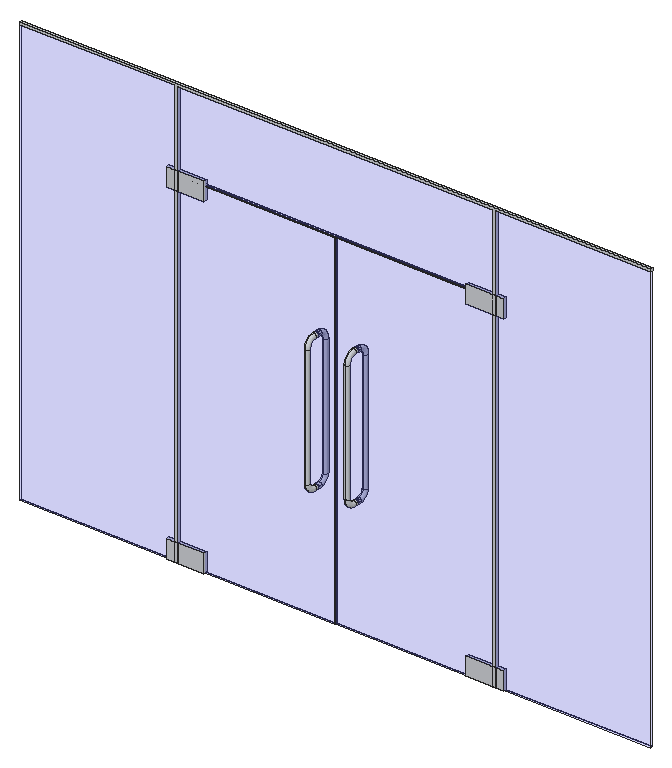
Revit family
Parameters (values of type "4400 x 3000 mm")
  Right Panel Width = 1100 mm
  Panel Material = Glass
  Manufacturer = "Revit"
  Left Panel Width = 1100 mm
  Height = 3000 mm
  Frame and Handle Material = none
  Door Material = Glass
Reference planes
  plane 1 "Center (Front/Back)": y = 0
  plane 2: z = 0
  plane 3 "Center (Left/Right)": x = 0
  plane 4: z = 3000
  plane 5: x = -1100
  plane 6: x = 1100
  plane 7: x = -2200
  plane 8: x = 2200
  plane 9: z = 2418.516
  plane 10: x = -138.951
  plane 11: z = 796.55
  plane 12: z = 1768.92
  plane 13: x = 138.951
Forms (mm)
  Extrusion 1, solid, material "Glass" <- "Door Material"
    sketch origin (0, 0, 0) x (1, 0, 0) y (0, 0, 1)
      loop
        line (-1100, 2418.516) -> (-1100, 0) -> (-5, 0) -> (-5, 2418.516) -> (-1100, 2418.516)
      loop
        line (1100, 2418.516) -> (5, 2418.516) -> (5, 0) -> (1100, 0) -> (1100, 2418.516)
    from 0 to 15
  Extrusion 2, solid, material <- "Frame and Handle Material"
    sketch origin (0, 0, 0) x (1, 0, 0) y (0, 0, 1)
      loop
        line (-2200, 3000) -> (-2200, 2980) -> (-1120, 2980) -> (-1120, 0) -> (-1100, 0) -> (-1100, 2980) -> (1100, 2980) -> (1100, 0) -> (1120, 0) -> (1120, 2980) -> (2200, 2980) -> (2200, 3000) -> (-2200, 3000)
    from 0 to 15
  Extrusion 3, solid, material "Glass" <- "Panel Material"
    sketch origin (0, 0, 0) x (1, 0, 0) y (0, 0, 1)
      loop
        line (-2200, 0) -> (-1120, 0) -> (-1120, 2980) -> (-2200, 2980) -> (-2200, 0)
      loop
        line (1120, 2980) -> (1120, 0) -> (2200, 0) -> (2200, 2980) -> (1120, 2980)
    from 0 to 15
  Extrusion 4, solid, material "Glass" <- "Panel Material"
    sketch origin (0, 0, 0) x (1, 0, 0) y (0, 0, 1)
      loop
        line (-1100, 2980) -> (-1100, 2423.516) -> (1100, 2423.516) -> (1100, 2980) -> (-1100, 2980)
    from 0 to 15
  Sweep 5, solid, material <- "Frame and Handle Material"
    path origin (-138.951, 0, 0) x (0, 0, -1) y (0, -1, 0)
      loop
        line (-812.55, 15) -> (-812.55, 31.335)
        arc (-812.55, 31.335) -> (-828.653, 70.212) -> (-867.53, 86.316) r 54.98
        line (-867.53, 86.316) -> (-1709.156, 86.316)
        arc (-1709.156, 86.316) -> (-1748.033, 70.212) -> (-1764.136, 31.335) r 54.98
        line (-1764.136, 31.335) -> (-1764.136, 15)
    profile origin (0, -23.168, 0) x (0, 0, -1) y (-1, 0, 0)
      loop
        circle (-1764.136, 138.951) r 16
  Sweep 6, solid, material <- "Frame and Handle Material"
    path origin (138.951, 0, 0) x (0, 0, -1) y (0, -1, 0)
      loop
        line (-812.55, 15) -> (-812.55, 31.335)
        arc (-812.55, 31.335) -> (-828.653, 70.212) -> (-867.53, 86.316) r 54.98
        line (-867.53, 86.316) -> (-1709.156, 86.316)
        arc (-1709.156, 86.316) -> (-1748.033, 70.212) -> (-1764.136, 31.335) r 54.98
        line (-1764.136, 31.335) -> (-1764.136, 15)
    profile origin (0, -23.168, 0) x (0, 0, -1) y (-1, 0, 0)
      loop
        circle (-1764.136, -138.951) r 16
  Sweep 7, solid, material <- "Frame and Handle Material"
    path origin (-138.951, -15, 0) x (0, 0, -1) y (0, -1, 0)
      loop
        line (-812.55, -15) -> (-812.55, -31.335)
        arc (-812.55, -31.335) -> (-828.653, -70.212) -> (-867.53, -86.316) r 54.98
        line (-867.53, -86.316) -> (-1709.156, -86.316)
        arc (-1709.156, -86.316) -> (-1748.033, -70.212) -> (-1764.136, -31.335) r 54.98
        line (-1764.136, -31.335) -> (-1764.136, -15)
    profile origin (0, 8.168, 0) x (0, 0, -1) y (1, 0, 0)
      loop
        circle (-1764.136, -138.951) r 16
  Sweep 8, solid, material <- "Frame and Handle Material"
    path origin (138.951, -15, 0) x (0, 0, -1) y (0, -1, 0)
      loop
        line (-812.55, -15) -> (-812.55, -31.335)
        arc (-812.55, -31.335) -> (-828.653, -70.212) -> (-867.53, -86.316) r 54.98
        line (-867.53, -86.316) -> (-1709.156, -86.316)
        arc (-1709.156, -86.316) -> (-1748.033, -70.212) -> (-1764.136, -31.335) r 54.98
        line (-1764.136, -31.335) -> (-1764.136, -15)
    profile origin (0, 8.168, 0) x (0, 0, -1) y (1, 0, 0)
      loop
        circle (-1764.136, 138.951) r 16
  Extrusion 9, solid, material <- "Frame and Handle Material"
    sketch origin (0, -3.864, 0) x (1, 0, 0) y (0, 0, 1)
      loop
        line (-1174.115, 2453.758) -> (-1174.115, 2326.004) -> (-914.202, 2326.004) -> (-914.202, 2453.758) -> (-1174.115, 2453.758)
      loop
        line (-1174.115, 127.754) -> (-1174.115, 0) -> (-914.202, 0) -> (-914.202, 127.754) -> (-1174.115, 127.754)
      loop
        line (1174.115, 2453.758) -> (914.202, 2453.758) -> (914.202, 2326.004) -> (1174.115, 2326.004) -> (1174.115, 2453.758)
      loop
        line (1174.115, 127.754) -> (914.202, 127.754) -> (914.202, 0) -> (1174.115, 0) -> (1174.115, 127.754)
    from -6.364 to 13.636
Lines and regions (mm)
  symbolic lines
    curve 1: arc (0, -31.335, 830.35) -> (0, -57.626, 841.24) -> (0, -68.515, 867.53) r 37.18
    curve 2: line (0, -68.515, 867.53) -> (0, -68.515, 1709.156)
    curve 3: arc (0, -68.515, 1709.156) -> (0, -57.626, 1735.446) -> (0, -31.335, 1746.336) r 37.18
    curve 4: line (0, -31.335, 1746.336) -> (0, -15, 1746.336)
    curve 5: line (0, -15, 1746.336) -> (0, -15, 796.55)
    curve 6: line (0, -15, 796.55) -> (0, -31.335, 796.55)
    curve 7: arc (0, -31.335, 796.55) -> (0, -81.526, 817.339) -> (0, -102.316, 867.53) r 70.98
    curve 8: line (0, -102.316, 867.53) -> (0, -102.316, 1709.156)
    curve 9: arc (0, -102.316, 1709.156) -> (0, -81.526, 1759.346) -> (0, -31.335, 1780.136) r 70.98
    curve 10: line (0, -31.335, 1780.136) -> (0, -15, 1780.136)
Dimensions and locks
  "Height": plane 4 to level
  equal spacing: plane 5, plane 3 "Center (Left/Right)", plane 6
  "Left Panel Width": plane 7 to plane 5
  "Right Panel Width": plane 6 to plane 8
  Extrusion 1 sketch curve to plane 3 "Center (Left/Right)" to Extrusion 1 sketch curve = 5 mm locked, 5 mm locked
  locked: Extrusion 4 sketch curve to Extrusion 1 at 5
  Extrusion 2 to plane 13 to plane 3 "Center (Left/Right)" = 961.049 mm, 138.951 mm
  equal spacing: plane 10, plane 3 "Center (Left/Right)", plane 13
  plane 4 to plane 9 = 581.484 mm
  locked: plane 9 to level at 2418.516
  plane 7 to plane 8 = 4400 mm
  aligned and locked: plane 5 to Extrusion 1 sketch curve
  aligned and locked: Extrusion 1 sketch curve to plane 9
  aligned and locked: level to Extrusion 1 sketch curve
  aligned and locked: Extrusion 1 sketch curve to plane 6
  aligned and locked: Extrusion 1 sketch curve to level
  aligned and locked: plane 9 to Extrusion 1 sketch curve
  aligned and locked: plane 4 to Extrusion 2 sketch curve
  aligned and locked: plane 5 to Extrusion 2 sketch curve
  aligned and locked: plane 6 to Extrusion 2 sketch curve
  aligned and locked: plane 7 to Extrusion 2 sketch curve
  aligned and locked: Extrusion 2 sketch curve to plane 8
  aligned and locked: Extrusion 2 sketch curve to level
  aligned and locked: Extrusion 1 to Extrusion 2 sketch curve
  aligned and locked: plane 7 to Extrusion 3 sketch curve
  aligned and locked: Extrusion 3 sketch curve to level  (x2)
  aligned and locked: Extrusion 2 to Extrusion 3 sketch curve  (x2)
  aligned and locked: Extrusion 3 sketch curve to Extrusion 2  (x2)
  aligned and locked: plane 8 to Extrusion 3 sketch curve
  aligned and locked: Extrusion 2 to Extrusion 4 sketch curve
  aligned and locked: Extrusion 4 sketch curve to Extrusion 2
  aligned and locked: Extrusion 4 sketch curve to Extrusion 1
Automatic sketch dimensions
  Extrusion 2 sketch curve to Extrusion 2 sketch curve = 20 mm  (x3)
  plane 4 to Extrusion 2 sketch curve = 20 mm  (x2)
  curve 1 to curve 7 = 0 mm  (x2)
  curve 3 to curve 9 = 0 mm  (x2)
  plane 11 to curve 6 = 0 mm
  plane 1 "Center (Front/Back)" to curve 6 = 15 mm
  curve 10 to curve 4 = 0 mm
  curve 3 to curve 4 = 16.335 mm
  curve 7 to curve 5 = 16.335 mm
  curve 3 to curve 3 = 37.18 mm
  curve 8 to curve 1 = 33.8 mm
  curve 2 to plane 12 = 59.764 mm
  Sweep 5 sketch curve to plane 12 = 4.784 mm
  Sweep 5 sketch curve to plane 12 = 59.764 mm
  plane 1 "Center (Front/Back)" to Sweep 5 sketch curve = 31.335 mm
  plane 11 to Sweep 5 sketch curve = 70.98 mm
  plane 11 to Sweep 5 sketch curve = 16 mm
  plane 1 "Center (Front/Back)" to Sweep 5 sketch curve = 15 mm  (x2)
  Sweep 5 sketch curve to plane 10 = 0 mm
  Sweep 5 sketch curve to profile plane = 0 mm
  Sweep 6 sketch curve to plane 12 = 4.784 mm
  Sweep 6 sketch curve to plane 12 = 59.764 mm
  plane 11 to Sweep 6 sketch curve = 70.98 mm
  plane 11 to Sweep 6 sketch curve = 16 mm
  plane 1 "Center (Front/Back)" to Sweep 6 sketch curve = 15 mm  (x2)
  plane 1 "Center (Front/Back)" to Sweep 6 sketch curve = 31.335 mm
  Sweep 6 sketch curve to profile plane = 0 mm  (x2)
  Sweep 7 sketch curve to plane 12 = 4.784 mm
  Sweep 7 sketch curve to plane 12 = 59.764 mm
  Sweep 7 sketch curve to plane 1 "Center (Front/Back)" = 16.335 mm
  plane 11 to Sweep 7 sketch curve = 70.98 mm
  plane 11 to Sweep 7 sketch curve = 16 mm
  plane 1 "Center (Front/Back)" to Sweep 7 sketch curve = 0 mm  (x2)
  Sweep 7 sketch curve to profile plane = 0 mm  (x2)
  Sweep 8 sketch curve to plane 12 = 4.784 mm
  Sweep 8 sketch curve to plane 12 = 59.764 mm
  Sweep 8 sketch curve to plane 1 "Center (Front/Back)" = 16.335 mm
  plane 11 to Sweep 8 sketch curve = 70.98 mm
  plane 11 to Sweep 8 sketch curve = 16 mm
  plane 1 "Center (Front/Back)" to Sweep 8 sketch curve = 0 mm  (x2)
  Sweep 8 sketch curve to profile plane = 0 mm  (x2)
  Extrusion 9 sketch curve to level = 0 mm  (x2)
  plane 9 to Extrusion 9 sketch curve = 35.242 mm  (x2)
  plane 5 to Extrusion 9 sketch curve = 74.115 mm  (x2)
  Extrusion 9 sketch curve to plane 5 = 185.798 mm  (x2)
  plane 6 to Extrusion 9 sketch curve = 185.798 mm  (x2)
  Extrusion 9 sketch curve to plane 6 = 74.115 mm  (x2)
  Extrusion 9 sketch curve to Extrusion 9 sketch curve = 127.754 mm  (x2)
  Extrusion 9 sketch curve to plane 9 = 92.512 mm  (x2)
  radius of Sweep 5 sketch curve = 16 mm
  radius of Sweep 6 sketch curve = 16 mm
  radius of Sweep 7 sketch curve = 16 mm
  radius of Sweep 8 sketch curve = 16 mm
